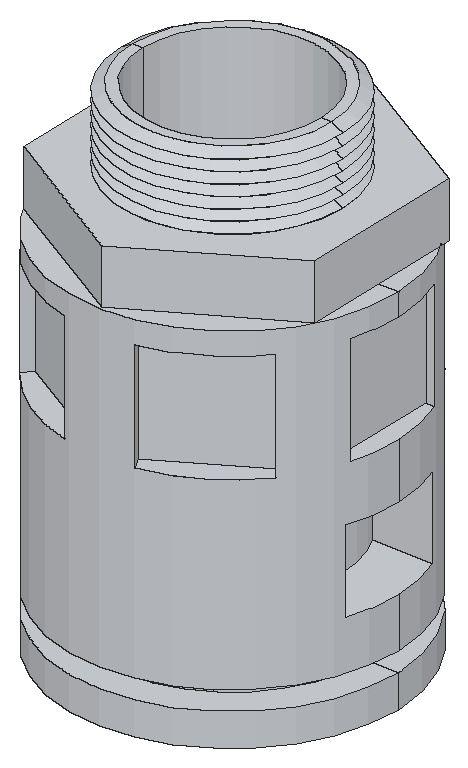
Revit family "FCSG20P", category Generic Models, Revit 2017
Family settings
  Can host rebar = No
  Round Connector Dimension = Use Diameter
  Part Type = Normal
  Work Plane-Based = Yes
  Always vertical = No
  Cut with Voids When Loaded = No
  Shared = No
  Room Calculation Point = No
Parameters (values of type "NBS Standard Parameters")
  Weight = "0.011kg"
  WarrantyStartDate [instance] = "1900-12-31T23:59:59"
  WarrantyGuarantorParts = "12 Months"
  WarrantyGuarantorLabor = "n/a"
  WarrantyDurationUnit = "12 Months"
  WarrantyDurationParts = "n/a"
  WarrantyDurationLabor = "n/a"
  WarrantyDescription = "n/a"
  Version = "1"
  Uniclass2 = "Pr_65_70_11_30"
  URL = "www.metpro.co.uk"
  TagNumber [instance] = "n/a"
  SustainabilityPerformance = "n/a"
  Size = "20mm"
  Shape = "Circular"
  SerialNumber [instance] = "n/a"
  Revision = "n/a"
  ReplacementCost = "n/a"
  ProductInformation = "www.metpro.co.uk/pdf/fcSG20P.pdf"
  NominalWidth = 27 mm
  NominalLength = 40 mm
  NominalHeight = 27 mm
  Name = "FCSG20P - FLEXICONDUIT ADAPTOR"
  NBSTypeID = "n/a"
  NBSReference = "90-55-10/360"
  NBSOfficeMasterTag = "n/a"
  NBSNote = "n/a"
  NBSDescription = "Flexible Conduit"
  NBSCertification = "n/a"
  ModelReference = "Flexitconduit fittings"
  ModelNumber = "FCSG20P"
  Material = "PVC"
  ManufacturerURL = "www.metpro.co.uk"
  ManufacturerName = "Metpro ltd"
  Manufacturer = "Metpro Limited"
  Keynote = "IP40 Rated"
  InstallationDate [instance] = "1900-12-31T23:59:59"
  IfcExportType = ""
  IfcExportAs = ""
  Grade = "n/a"
  Finish = "Black"
  Features = "n/a"
  ExpectedLife = "n/a"
  DurationUnit = "1 Year"
  Description = "FCSG20P - 20mm Swivel Adaptor"
  Default Elevation = 1219.2 mm
  Constituents = "n/a"
  Color = "PVC"
  CodePerformance = "n/a"
  Category = "n/a"
  BarCode [instance] = "n/a"
  BIMObjectName = "Metpro_Metprolibrary_Flexiconduit_Conduitaccessories"
  Author = "Metpro"
  AssetType = "Fixed"
  AssetIdentifier [instance] = "n/a"
  AccessibilityPerformance = "n/a"
Reference planes
  plane 1 "Center (Front/Back)": y = 0
  plane 2: z = -49.367
  plane 3 "Center (Left/Right)": x = 0
Forms (mm)
  Revolve 1, solid
    sketch origin (48.178, 99.234, -25.271) x (1, 0, 0) y (0, 0, 1)
      loop
        line (-15, 9.477) -> (0, 9.477) -> (0, 54.953) -> (-9.025, 54.953) -> (-10, 54.39) -> (-9.134, 53.89) -> (-10, 53.39) -> (-9.103, 52.872) -> (-10, 52.354) -> (-9.15, 51.863) -> (-10, 51.373) -> (-9.111, 50.86) -> (-10, 50.347) -> (-9.15, 49.856) -> (-10, 49.365) -> (-9.111, 48.851) -> (-10, 48.338) -> (-9.159, 47.852) -> (-10, 47.367) -> (-10, 43.275) -> (-15, 43.275) -> (-15, 14.251) -> (-12.175, 14.251) -> (-12.175, 12.484) -> (-15, 12.484) -> (-15, 9.477)
      axis (0, 9.477) -> (0, 54.953)
    angle from 0 to 360
  Extrusion 2, void
    sketch origin (48.178, 99.234, -15.794) x (1, 0, 0) y (0, 1, 0)
      loop
        circle (0, 0) r 10
    from 0 to 20
  Extrusion 3, solid
    sketch origin (48.178, 99.234, 18.004) x (0, 1, 0) y (-1, 0, 0)
      loop
        line (-7.177, 13.145) -> (-14.766, 0) -> (-7.177, -13.145) -> (8.001, -13.145) -> (15.59, 0) -> (8.001, 13.145) -> (-7.177, 13.145)
      loop
        circle (0, 0) r 10
    from 0 to 5
  Extrusion 4, void
    sketch origin (48.178, 99.234, 18.004) x (-1, 0, 0) y (0, 1, 0)
      loop
        circle (0, 0) r 8.092
    from 20 to -20
  Extrusion 5, void
    sketch origin (61.323, 92.056, 18.004) x (0, -1, 0) y (0, 0, 1)
      loop
        line (-7.589, -1.982) -> (-12.589, -1.982) -> (-12.589, -11.982) -> (-2.589, -11.982) -> (-2.589, -1.982) -> (-7.589, -1.982)
    from 0 to -20
  Extrusion 6, void
    sketch origin (61.323, 107.235, 18.004) x (0.866025, -0.5, 0) y (0, 0, 1)
      loop
        line (-7.589, -1.982) -> (-12.589, -1.982) -> (-12.589, -11.982) -> (-2.589, -11.982) -> (-2.589, -1.982) -> (-7.589, -1.982)
    from 0 to -20
  Extrusion 7, void
    sketch origin (48.178, 114.824, 18.004) x (0.866025, 0.5, 0) y (0, 0, 1)
      loop
        line (-7.589, -2.042) -> (-12.589, -2.042) -> (-12.589, -12.042) -> (-2.589, -12.042) -> (-2.589, -2.042) -> (-7.589, -2.042)
    from 0 to -20
  Extrusion 8, void
    sketch origin (48.178, 84.467, 18.004) x (-0.866025, -0.5, 0) y (0, 0, 1)
      loop
        line (-7.589, -2.02) -> (-12.589, -2.02) -> (-12.589, -12.02) -> (-2.589, -12.02) -> (-2.589, -2.02) -> (-7.589, -2.02)
    from 0 to -20
  Extrusion 9, void
    sketch origin (35.034, 92.056, 18.004) x (-0.866025, 0.5, 0) y (0, 0, 1)
      loop
        line (-7.125, -1.961) -> (-12.125, -1.961) -> (-12.125, -11.961) -> (-2.125, -11.961) -> (-2.125, -1.961) -> (-7.125, -1.961)
    from 0 to -20
  Extrusion 10, void
    sketch origin (35.034, 107.235, 18.004) x (0, 1, 0) y (0, 0, 1)
      loop
        line (-8.001, -1.982) -> (-13.001, -1.982) -> (-13.001, -11.982) -> (-3.001, -11.982) -> (-3.001, -1.982) -> (-8.001, -1.982)
    from 0 to -20
  Extrusion 11, void
    sketch origin (35.034, 107.235, 18.004) x (0, 1, 0) y (0, 0, 1)
      loop
        line (-8.001, -16.982) -> (-13.001, -16.982) -> (-13.001, -24.49) -> (-3.001, -24.49) -> (-3.001, -16.982) -> (-8.001, -16.982)
    from 50 to -20
Cuts and joins
  Extrusion 2, Extrusion 4, Extrusion 5, Extrusion 6, Extrusion 7, Extrusion 8, Extrusion 9, Extrusion 10, Extrusion 11 cuts Revolve 1
Dimensions and locks
  aligned and locked: level to plane 2
